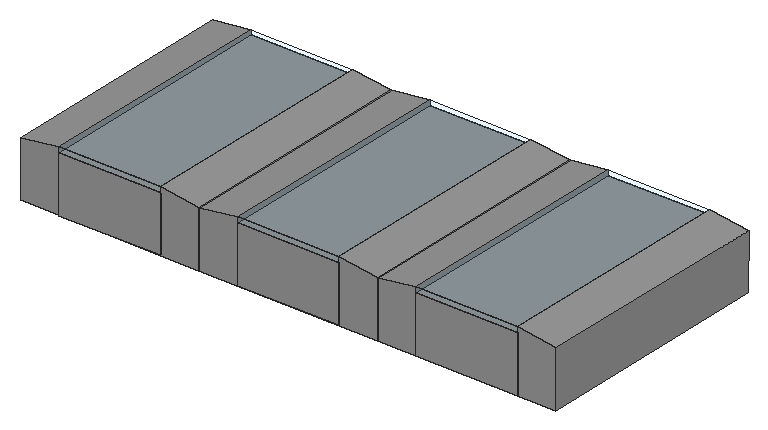
Revit family "ElectricalEquipment_Hager_TPNLighting&Power_125ATriplelMeterIncomerKits", category Electrical Equipment, host Face, Revit 2015
Parameters (values of type "JKD125TPM")
  _DistributedBy = "www.bimstore.co.uk"
  _CurrentRevision = 0
  _CreatedBy = "MajentaSolutions"
  _BimstoreBibleVersion = "V14"
  _BimSpecGuid = 0
  _Author = "MajentaSolutions"
  WarrantyStartDate [instance] = ""
  WarrantyGuarantorParts = "2"
  WarrantyGuarantorLabor = ""
  WarrantyDurationUnit = "Years"
  WarrantyDurationParts = 2
  WarrantyDurationLabor = 0
  WarrantyDescription = "See Manufacturer"
  Voltage = "230V"
  URL = "http://www.hager.co.uk/"
  TypeName = Category  # "ElectricalEquipment"
  Type Comments = Model  # "JKD125TPM"
  TagNumber [instance] = ""
  SustainabilityPerformance = ""
  Size = ""
  built-in parameter 1140080 [instance] = "16kA"
  Shape = "Rectangular"
  ServiceLifeDuration = 0
  SerialNumber [instance] = ""
  ReplacementCost = 0
  Outgoing = "63A"
  NominalWidth = 930 mm
  NominalLength = 0 mm  # constant formula
  NominalHeight = 625 mm
  NominalDepth = 165.5 mm
  Neutral Rating = 1  # 100.00%
  NBSReference = ClassificationValue  # "Pr_80_77_28_16"
  NBSOfficeMasterTag = "n/a"
  NBSObjectName = "Hager_TripleMeteredBoards_JKD125TPM"
  NBSNote = ""
  NBSDescription = Category  # "ElectricalEquipment"
  built-in parameter 1140081 [instance] = "ElectricalEquipment"
  ModelReference = ""
  ModelNumber = ""
  ModelLabel = ""
  Model = "JKD125TPM"
  Material = "MildSteel,ABS,AcousticComposite"
  ManufacturerName = Manufacturer  # "Hager"
  Manufacturer = "Hager"
  Mains Type = "AC"
  Keynote = "V"
  InstallationDate [instance] = ""
  Incoming = "125A"
  IfcExportType = ""
  IfcExportAs = "ElectricalEquipment"
  Grade = ""
  Finish = ""
  Features = Description  # "125ATripleMultiFunctionMeteredIncomer.PulsedAndModbus.SideBySide"
  ExpectedLife = 10
  EAN = "5015652600237"
  DurationUnit = "Years"
  DocumentationTechnical = "http://www.hager.co.uk/product-catalogue/energy-distribution/consumer-units/design-range-of-consumer-units/design-10/51386.htm"
  DocumentationMaintenance = ""
  DocumentationLiterature = "http://www.hager.co.uk/product-catalogue/energy-distribution/consumer-units/design-range-of-consumer-units/design-10/51386.htm"
  DocumentationInstallationGuide = ""
  DocumentationCertificates = ""
  Description = "125ATripleMultiFunctionMeteredIncomer.PulsedAndModbus.SideBySide"
  Default Elevation = 500 mm
  CreatedOn = "22.06.17"
  CreatedBy = "MajentaSolutions"
  Constituents = ""
  Colour = "RAL 9010 White Gloss"
  CodePerformance = ""
  ClassificationValue = "Pr_80_77_28_16"
  ClassificationName = "Uniclass2015"
  Category = "ElectricalEquipment"
  BarCode [instance] = ""
  BIMObjectName = "Hager_ElectricalEquipment_TripleMeteredBoards_JKD125TPM"
  AssetType = "Fixed"
  AssetIdentifier [instance] = ""
  Assembly Code = "D5010"
  AccessibilityPerformance = ""
Reference planes
  plane 1 "Center (Front/Back)": y = 0
  plane 2: z = 0
  plane 3 "Center (Left/Right)": x = 0
  plane 4: y = 312.5
  plane 5: z = 165.5
  plane 6: y = -312.5
  plane 7: z = 145.5
Forms (mm)
  Extrusion 1, solid, material "MildSteel,ABS,AcousticComposite", detail levels fine
    sketch origin (0, 0, 0) x (1, 0, 0) y (0, 0, 1)
      loop
        line (-132.5, 0) -> (132.5, 0) -> (132.5, 145.5) -> (-132.5, 145.5) -> (-132.5, 0)
    from -312.5 to 312.5
  Extrusion 2, solid, detail levels medium
    sketch origin (0, 0, 0) x (1, 0, 0) y (0, 1, 0)
      loop
        line (-232.5, 312.5) -> (-232.5, -312.5) -> (232.5, -312.5) -> (232.5, 312.5) -> (-232.5, 312.5)
    from 0 to 165.5
  Extrusion 3, solid, material "Steel-Monodraught-HTM-Polished", detail levels medium+fine
    sketch origin (0, 0, 0) x (1, 0, 0) y (0, 0, 1)
      loop
        line (-232.5, 145.5) -> (-232.5, 0) -> (232.5, 0) -> (232.5, 145.5)
        arc (232.5, 145.5) -> (182.626, 153.208) -> (132.5, 159.059) r 1359.262
        line (132.5, 159.059) -> (132.5, 145.5) -> (-132.5, 145.5) -> (-132.5, 159.059)
        arc (-132.5, 159.059) -> (-182.626, 153.208) -> (-232.5, 145.5) r 1359.262
    from -312.5 to 312.5
  Extrusion 4, solid, material "Glass", detail levels medium+fine
    sketch origin (0, 0, 0) x (1, 0, 0) y (0, 0, 1)
      loop
        line (-132.5, 145.5) -> (132.5, 145.5) -> (132.5, 159.059)
        arc (132.5, 159.059) -> (0, 165.532) -> (-132.5, 159.059) r 1359.262
        line (-132.5, 159.059) -> (-132.5, 145.5)
    from -312.5 to 312.5
  Extrusion 5, solid, material "MildSteel,ABS,AcousticComposite", detail levels fine
    sketch origin (465, 0, 0) x (1, 0, 0) y (0, 0, 1)
      loop
        line (-132.5, 0) -> (132.5, 0) -> (132.5, 145.5) -> (-132.5, 145.5) -> (-132.5, 0)
    from -312.5 to 312.5
  Extrusion 6, solid, detail levels medium
    sketch origin (465, 0, 0) x (1, 0, 0) y (0, 1, 0)
      loop
        line (-232.5, 312.5) -> (-232.5, -312.5) -> (232.5, -312.5) -> (232.5, 312.5) -> (-232.5, 312.5)
    from 0 to 165.5
  Extrusion 7, solid, material "Steel-Monodraught-HTM-Polished", detail levels medium+fine
    sketch origin (465, 0, 0) x (1, 0, 0) y (0, 0, 1)
      loop
        line (-232.5, 145.5) -> (-232.5, 0) -> (232.5, 0) -> (232.5, 145.5)
        arc (232.5, 145.5) -> (182.626, 153.208) -> (132.5, 159.059) r 1359.262
        line (132.5, 159.059) -> (132.5, 145.5) -> (-132.5, 145.5) -> (-132.5, 159.059)
        arc (-132.5, 159.059) -> (-182.626, 153.208) -> (-232.5, 145.5) r 1359.262
    from -312.5 to 312.5
  Extrusion 8, solid, material "Glass", detail levels medium+fine
    sketch origin (465, 0, 0) x (1, 0, 0) y (0, 0, 1)
      loop
        line (-132.5, 145.5) -> (132.5, 145.5) -> (132.5, 159.059)
        arc (132.5, 159.059) -> (0, 165.532) -> (-132.5, 159.059) r 1359.262
        line (-132.5, 159.059) -> (-132.5, 145.5)
    from -312.5 to 312.5
  Extrusion 9, solid, material "MildSteel,ABS,AcousticComposite", detail levels fine
    sketch origin (-465, 0, 0) x (1, 0, 0) y (0, 0, 1)
      loop
        line (-132.5, 0) -> (132.5, 0) -> (132.5, 145.5) -> (-132.5, 145.5) -> (-132.5, 0)
    from -312.5 to 312.5
  Extrusion 10, solid, detail levels medium
    sketch origin (-465, 0, 0) x (1, 0, 0) y (0, 1, 0)
      loop
        line (-232.5, 312.5) -> (-232.5, -312.5) -> (232.5, -312.5) -> (232.5, 312.5) -> (-232.5, 312.5)
    from 0 to 165.5
  Extrusion 11, solid, material "Steel-Monodraught-HTM-Polished", detail levels medium+fine
    sketch origin (-465, 0, 0) x (1, 0, 0) y (0, 0, 1)
      loop
        line (-232.5, 145.5) -> (-232.5, 0) -> (232.5, 0) -> (232.5, 145.5)
        arc (232.5, 145.5) -> (182.626, 153.208) -> (132.5, 159.059) r 1359.262
        line (132.5, 159.059) -> (132.5, 145.5) -> (-132.5, 145.5) -> (-132.5, 159.059)
        arc (-132.5, 159.059) -> (-182.626, 153.208) -> (-232.5, 145.5) r 1359.262
    from -312.5 to 312.5
  Extrusion 12, solid, material "Glass", detail levels medium+fine
    sketch origin (-465, 0, 0) x (1, 0, 0) y (0, 0, 1)
      loop
        line (-132.5, 145.5) -> (132.5, 145.5) -> (132.5, 159.059)
        arc (132.5, 159.059) -> (0, 165.532) -> (-132.5, 159.059) r 1359.262
        line (-132.5, 159.059) -> (-132.5, 145.5)
    from -312.5 to 312.5
Lines and regions (mm)
  symbolic lines, style "ElectricalEquipment"
    curve 1: line (-232.5, 0, 141.286) -> (232.5, 0, 141.286)
    curve 2: line (-232.5, 0, 0) -> (-232.5, 0, 141.286)
    curve 3: line (232.5, 0, 0) -> (-232.5, 0, 0)
    curve 4: line (232.5, 0, 141.286) -> (232.5, 0, 0)
    curve 5: line (-232.5, 0, 0) -> (232.5, 0, 141.286)
    curve 13: line (232.5, 0, 0) -> (232.5, 0, 141.286)
  model lines
    curve 6: line (-232.5, 312.5, 0) -> (-232.5, -312.5, 0)
    curve 7: line (232.5, 312.5, 0) -> (-232.5, 312.5, 0)
    curve 8: line (232.5, -312.5, 0) -> (-232.5, -312.5, 0)
    curve 9: line (-132.5, 312.5, 0) -> (-132.5, -312.5, 0)
    curve 10: line (132.5, 312.5, 0) -> (132.5, -312.5, 0)
    curve 16: line (232.5, 312.5, 0) -> (232.5, -312.5, 0)
    curve 17: line (697.5, 312.5, 0) -> (232.5, 312.5, 0)
    curve 18: line (697.5, -312.5, 0) -> (232.5, -312.5, 0)
    curve 19: line (332.5, 312.5, 0) -> (332.5, -312.5, 0)
    curve 20: line (597.5, 312.5, 0) -> (597.5, -312.5, 0)
    curve 21: line (-697.5, 312.5, 0) -> (-697.5, -312.5, 0)
    curve 22: line (-232.5, 312.5, 0) -> (-697.5, 312.5, 0)
    curve 23: line (-232.5, -312.5, 0) -> (-697.5, -312.5, 0)
    curve 24: line (-597.5, 312.5, 0) -> (-597.5, -312.5, 0)
    curve 25: line (-332.5, 312.5, 0) -> (-332.5, -312.5, 0)
  symbolic lines
    curve 11: line (-705, 0, 145.5) -> (-705, 0, 615.5)
    curve 12: arc (-705, 0, 615.5) -> (-375.317, 0, 473.643) -> (-239.381, 0, 141.474) r 474.313
    curve 14: line (-240, 0, 145.5) -> (-240, 0, 615.5)
    curve 15: arc (-240, 0, 615.5) -> (89.683, 0, 473.643) -> (225.619, 0, 141.474) r 474.313
    curve 26: line (225, 0, 145.5) -> (225, 0, 615.5)
    curve 27: arc (225, 0, 615.5) -> (554.683, 0, 473.643) -> (690.619, 0, 141.474) r 474.313
Dimensions and locks
  "NominalDepth": plane 5 to plane 2
  locked: plane 5 to plane 7 at 20
  equal spacing: plane 6, plane 1 "Center (Front/Back)", plane 4
  "NominalHeight": plane 6 to plane 4
  aligned and locked: plane 2 to host face
  aligned and locked: level to host face
  aligned and locked: plane 6 to Extrusion 1
  aligned and locked: Extrusion 1 to plane 4
  aligned and locked: curve 7 to plane 4
  aligned and locked: curve 8 to plane 6
  aligned and locked: Extrusion 2 sketch curve to curve 7
  aligned and locked: Extrusion 2 sketch curve to curve 6
  aligned and locked: Extrusion 2 sketch curve to curve 8
  aligned and locked: plane 5 to Extrusion 2
  aligned and locked: Extrusion 2 to level
  aligned and locked: Extrusion 3 sketch curve to plane 2
  aligned and locked: Extrusion 4 sketch curve to plane 7
  aligned and locked: plane 6 to Extrusion 4
  aligned and locked: Extrusion 4 to plane 4
  aligned and locked: Extrusion 3 to plane 4
  aligned and locked: plane 6 to Extrusion 3
  aligned and locked: Extrusion 6 sketch curve to curve 17
  aligned and locked: Extrusion 6 sketch curve to curve 16
  aligned and locked: Extrusion 6 sketch curve to curve 18
  aligned and locked: Extrusion 10 sketch curve to curve 22
  aligned and locked: Extrusion 10 sketch curve to curve 21
  aligned and locked: Extrusion 10 sketch curve to curve 23
Automatic sketch dimensions
  host sketch curve to host sketch curve = 2438.4 mm  (x2)
  curve 21 to plane 3 "Center (Left/Right)" = 697.5 mm
  curve 23 to plane 3 "Center (Left/Right)" = 232.5 mm
  plane 3 "Center (Left/Right)" to curve 7 = 232.5 mm
  curve 21 to curve 24 = 100 mm
  curve 25 to curve 22 = 100 mm
  curve 6 to curve 9 = 100 mm
  curve 10 to curve 8 = 100 mm
  curve 8 to curve 19 = 100 mm
  curve 19 to curve 20 = 265 mm
  curve 20 to curve 18 = 100 mm
  curve 20 to curve 17 = 100 mm
  Extrusion 1 sketch curve to plane 7 = 0 mm
  Extrusion 1 sketch curve to level = 0 mm
  Extrusion 1 sketch curve to plane 3 "Center (Left/Right)" = 132.5 mm
  plane 3 "Center (Left/Right)" to Extrusion 1 sketch curve = 132.5 mm
  plane 3 "Center (Left/Right)" to Extrusion 2 sketch curve = 232.5 mm
  Extrusion 3 sketch curve to Extrusion 3 sketch curve = 0 mm  (x2)
  Extrusion 3 sketch curve to plane 7 = 0 mm  (x3)
  plane 3 "Center (Left/Right)" to Extrusion 3 sketch curve = 0 mm
  Extrusion 3 sketch curve to plane 3 "Center (Left/Right)" = 132.5 mm
  Extrusion 3 sketch curve to Extrusion 3 sketch curve = 100 mm  (x2)
  Extrusion 3 sketch curve to plane 5 = 6.441 mm
  plane 3 "Center (Left/Right)" to Extrusion 3 sketch curve = 132.5 mm
  plane 3 "Center (Left/Right)" to Extrusion 4 sketch curve = 0 mm
  Extrusion 4 sketch curve to plane 3 "Center (Left/Right)" = 132.5 mm
  plane 3 "Center (Left/Right)" to Extrusion 4 sketch curve = 132.5 mm
  Extrusion 4 sketch curve to level = 1193.73 mm
  Extrusion 4 sketch curve to plane 5 = 6.441 mm
  Extrusion 5 sketch curve to plane 7 = 0 mm
  Extrusion 5 sketch curve to level = 0 mm
  plane 3 "Center (Left/Right)" to Extrusion 5 sketch curve = 332.5 mm
  Extrusion 5 sketch curve to Extrusion 5 sketch curve = 265 mm
  Extrusion 6 sketch curve to Extrusion 6 sketch curve = 465 mm
  Extrusion 7 sketch curve to Extrusion 7 sketch curve = 0 mm  (x2)
  Extrusion 7 sketch curve to level = 0 mm
  Extrusion 7 sketch curve to plane 7 = 0 mm  (x3)
  plane 3 "Center (Left/Right)" to Extrusion 7 sketch curve = 232.5 mm
  Extrusion 7 sketch curve to plane 5 = 6.441 mm  (x2)
  Extrusion 7 sketch curve to Extrusion 7 sketch curve = 100 mm
  plane 3 "Center (Left/Right)" to Extrusion 7 sketch curve = 465 mm
  Extrusion 7 sketch curve to Extrusion 7 sketch curve = 265 mm
  Extrusion 8 sketch curve to plane 7 = 0 mm
  plane 3 "Center (Left/Right)" to Extrusion 8 sketch curve = 332.5 mm
  plane 3 "Center (Left/Right)" to Extrusion 8 sketch curve = 465 mm
  Extrusion 8 sketch curve to Extrusion 8 sketch curve = 265 mm
  Extrusion 8 sketch curve to level = 1193.73 mm
  Extrusion 8 sketch curve to plane 5 = 6.441 mm
  Extrusion 9 sketch curve to plane 7 = 0 mm
  Extrusion 9 sketch curve to level = 0 mm
  Extrusion 9 sketch curve to plane 3 "Center (Left/Right)" = 597.5 mm
  Extrusion 9 sketch curve to Extrusion 9 sketch curve = 265 mm
  Extrusion 10 sketch curve to plane 3 "Center (Left/Right)" = 232.5 mm
  Extrusion 11 sketch curve to Extrusion 11 sketch curve = 0 mm  (x2)
  Extrusion 11 sketch curve to level = 0 mm
  Extrusion 11 sketch curve to plane 7 = 0 mm  (x3)
  Extrusion 11 sketch curve to plane 3 "Center (Left/Right)" = 697.5 mm
  Extrusion 11 sketch curve to plane 5 = 6.441 mm  (x2)
  Extrusion 11 sketch curve to Extrusion 11 sketch curve = 100 mm
  Extrusion 11 sketch curve to plane 3 "Center (Left/Right)" = 465 mm
  Extrusion 11 sketch curve to Extrusion 11 sketch curve = 265 mm
  Extrusion 12 sketch curve to plane 7 = 0 mm
  Extrusion 12 sketch curve to plane 3 "Center (Left/Right)" = 597.5 mm
  Extrusion 12 sketch curve to plane 3 "Center (Left/Right)" = 465 mm
  Extrusion 12 sketch curve to Extrusion 12 sketch curve = 265 mm
  Extrusion 12 sketch curve to level = 1193.73 mm
  Extrusion 12 sketch curve to plane 5 = 6.441 mm
  curve 11 to plane 7 = 0 mm
  curve 14 to plane 7 = 0 mm
  curve 2 to level = 0 mm
  curve 26 to plane 7 = 0 mm
  curve 12 to plane 7 = 4.234 mm
  curve 12 to plane 3 "Center (Left/Right)" = 713.694 mm
  curve 12 to curve 11 = 8.694 mm
  curve 15 to plane 7 = 4.234 mm
  curve 15 to plane 3 "Center (Left/Right)" = 248.694 mm
  curve 14 to plane 3 "Center (Left/Right)" = 240 mm
  curve 15 to curve 2 = 16.194 mm
  curve 27 to plane 7 = 4.234 mm
  plane 3 "Center (Left/Right)" to curve 27 = 216.306 mm
  plane 3 "Center (Left/Right)" to curve 26 = 225 mm
  curve 1 to plane 7 = 4.214 mm
  curve 26 to curve 1 = 7.5 mm
  plane 5 to curve 14 = 450 mm
  plane 5 to curve 26 = 450 mm
  plane 5 to curve 11 = 450 mm
  curve 12 to plane 7 = 4.026 mm
  curve 15 to plane 7 = 4.026 mm
  curve 27 to plane 7 = 4.026 mm
Connectors
  electrical at (0, 0, 0)
    settings: on Extrusion 2, index 1, voltage 0 V, apparent load 0 VA, apparent load phase1 0 VA, apparent load phase2 0 VA, apparent load phase3 0 VA, power factor 1, load classification "Other", number of poles 1, system type 31, power factor state 1, is connector primary yes, connector utility no, sub classification motor no, connector description ""
